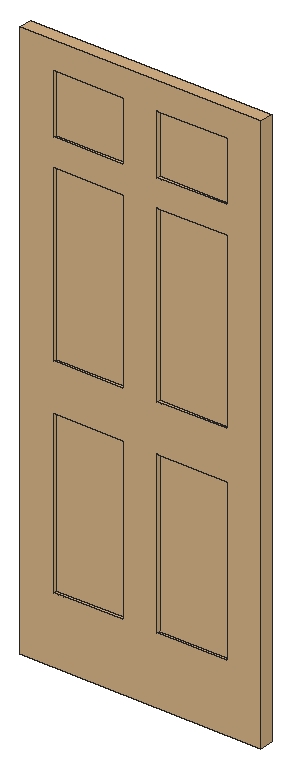
Revit family "0070_M_DR_W_single-panel 4_no trim", category 문, Revit 2026
Family settings
  호스트 = 벽
  항상 수직 = 예
  로드될 때 보이드를 사용하여 절단 = 아니오
  공유 = 아니오
  룸 계산 점 = 아니오
Parameters (values of type "36" x 84"")
  두께 = 0' - 2"
  조합 코드 = "C1020"
  기능 = 내부
  Door Material = Door - Panel
  Frame Material = Door - Frame
  Height = 7' - 0"
  Rail Width - Base = 0' - 10"
  Rail Width - Center = 0' - 7"
  Rail Width - Top = 0' - 4"
  Stile Width = 0' - 5"
  벽 마무리 = 호스트별
  Width = 3' - 0"
Types (8): name | 두께 | 조합 코드 | Height | Rail Width - Base | Rail Width - Center | Rail Width - Top | Stile Width | Width
  36" x 84" | 0' - 2" | "C1020" | 7' - 0" | 0' - 10" | 0' - 7" | 0' - 4" | 0' - 5" | 3' - 0"
  34" x 84" | 0' - 2" | "C1020" | 7' - 0" | 0' - 10" | 0' - 7" | 0' - 4" | 0' - 5" | 2' - 10"
  32" x 84" | 0' - 2" | "C1020" | 7' - 0" | 0' - 10" | 0' - 7" | 0' - 4" | 0' - 5" | 2' - 8"
  30" x 84" | 0' - 2" | "C1020" | 7' - 0" | 0' - 10" | 0' - 7" | 0' - 4" | 0' - 5" | 2' - 6"
  30" x 80" | 0' - 2" | "C1020" | 6' - 8" | 0' - 10" | 0' - 7" | 0' - 4" | 0' - 5" | 2' - 6"
  36" x 80" | 0' - 2" | "C1020" | 6' - 8" | 0' - 10" | 0' - 7" | 0' - 4" | 0' - 5" | 3' - 0"
  34" x 80" | 0' - 2" | "C1020" | 6' - 8" | 0' - 10" | 0' - 7" | 0' - 4" | 0' - 5" | 2' - 10"
  0915 x 2134mm | 0' - 1 31/32" | 0' - 0" | 7' - 0 1/64" | 0' - 9 27/32" | 0' - 6 57/64" | 0' - 3 15/16" | 0' - 4 59/64" | 3' - 0 3/128"
Reference planes (in)
  plane 1: y = 0
  plane 2: z = 0
  plane 3: x = 0
  plane 4: x = -18
  plane 5: x = 18
  plane 6: z = 84
  plane 7: z = 80
  plane 8: z = 71
  plane 9: z = 67
  plane 10: z = 41
  plane 11: z = 34
  plane 12: z = 10
  plane 13: x = -13
  plane 14: x = 13
  plane 15: x = -2.5
  plane 16: x = 2.5
  plane 17: y = -3
Forms (in)
  Extrusion 1, solid, material "Door - Panel" <- "Door Material"
    sketch origin (-60, -3, 0) x (1, 0, 0) y (0, 0, 1)
      loop
        line (42, 84) -> (42, 0) -> (78, 0) -> (78, 84) -> (42, 84)
      loop
        line (47, 80) -> (47, 71) -> (57.5, 71) -> (57.5, 80) -> (47, 80)
      loop
        line (62.5, 80) -> (62.5, 71) -> (73, 71) -> (73, 80) -> (62.5, 80)
      loop
        line (47, 67) -> (47, 41) -> (57.5, 41) -> (57.5, 67) -> (47, 67)
      loop
        line (62.5, 67) -> (62.5, 41) -> (73, 41) -> (73, 67) -> (62.5, 67)
      loop
        line (47, 34) -> (47, 10) -> (57.5, 10) -> (57.5, 34) -> (47, 34)
      loop
        line (62.5, 34) -> (62.5, 10) -> (73, 10) -> (73, 34) -> (62.5, 34)
    from -6 to -4
  Extrusion 2, solid, material "Door - Panel" <- "Door Material"
    sketch origin (-60, 1, 0) x (1, 0, 0) y (0, 0, 1)
      loop
        line (47, 80) -> (47, 71) -> (57.5, 71) -> (57.5, 80) -> (47, 80)
      loop
        line (62.5, 80) -> (62.5, 71) -> (73, 71) -> (73, 80) -> (62.5, 80)
      loop
        line (47, 67) -> (47, 41) -> (57.5, 41) -> (57.5, 67) -> (47, 67)
      loop
        line (62.5, 67) -> (62.5, 41) -> (73, 41) -> (73, 67) -> (62.5, 67)
      loop
        line (47, 34) -> (47, 10) -> (57.5, 10) -> (57.5, 34) -> (47, 34)
      loop
        line (62.5, 34) -> (62.5, 10) -> (73, 10) -> (73, 34) -> (62.5, 34)
    from -1.5 to -0.5
Lines and regions (in)
  Opening 1
    outline origin (-60, -3, 144) x (0, 0, -1) y (1, 0, 0)
      loop
        line (60, 42) -> (144, 42) -> (144, 78) -> (60, 78) -> (60, 42)
  symbolic lines, style "DoorsPanelProjection"
    curve 1: line (18, 3, 0) -> (16, 3, 0)
    curve 2: line (18, 3, 0) -> (18, 39.00327, 0)
    curve 3: line (18, 39.00327, 0) -> (16, 39.00327, 0)
    curve 4: line (16, 3, 0) -> (16, 39.00327, 0)
  symbolic lines, style "Elevation Swing"
    curve 5: line (-18, 3, 84) -> (18, 3, 42)
    curve 6: line (18, 3, 42) -> (-18, 3, 0)
  symbolic lines, style "Plan Swing"
    curve 7: arc (16, 39.00327, 0) -> (-8.19497, 27.78021, 0) -> (-18.05877, 3, 0) r 36.05877
Dimensions and locks (in)
  equal spacing: plane 4, plane 3, plane 5
  "Width": plane 4 to plane 5
  locked: host wall to curve 1
  control icon elem to plane 5 = 0' - 10"
  "Height": plane 6 to plane 2
  equal spacing: plane 6, curve 6, level
  "Rail Width - Base": plane 12 to host wall
  "Rail Width - Center": plane 10 to plane 11
  "Rail Width - Top": plane 8 to plane 9
  "Rail Width - Top": plane 6 to plane 7
  "Stile Width": plane 4 to plane 13
  "Stile Width": plane 14 to plane 5
  locked: plane 7 to plane 8 at 9
  "두께": Extrusion 1 to Extrusion 1
  equal spacing: plane 15, plane 3, plane 16
  "Stile Width": plane 15 to plane 16
  "두께": curve 4 to plane 5
  locked: Extrusion 1 to Extrusion 2 at 0.5
  locked: host wall to Extrusion 2 at 0.5
  aligned and locked: plane 4 to Extrusion 1 sketch curve
  aligned and locked: plane 6 to Extrusion 1 sketch curve
  aligned and locked: Extrusion 1 sketch curve to curve 1
  aligned and locked: plane 5 to Extrusion 1 sketch curve
  aligned and locked: plane 13 to Extrusion 1 sketch curve  (x3)
  aligned and locked: plane 7 to Extrusion 1 sketch curve  (x2)
  aligned and locked: plane 8 to Extrusion 1 sketch curve  (x2)
  aligned and locked: plane 15 to Extrusion 1 sketch curve  (x3)
  aligned and locked: plane 16 to Extrusion 1 sketch curve  (x3)
  aligned and locked: plane 14 to Extrusion 1 sketch curve  (x3)
  aligned and locked: plane 9 to Extrusion 1 sketch curve  (x2)
  aligned and locked: plane 10 to Extrusion 1 sketch curve  (x2)
  aligned and locked: plane 11 to Extrusion 1 sketch curve  (x2)
  aligned and locked: plane 12 to Extrusion 1 sketch curve  (x2)
  aligned and locked: Extrusion 2 sketch curve to Extrusion 1  (x24)
  aligned and locked: host wall to Extrusion 1
  aligned and locked: plane 17 to host wall
  aligned and locked: curve 7 to curve 5
Automatic sketch dimensions
  Opening 1 sketch curve to plane 6 = 0' - 0"
  Opening 1 sketch curve to level = 0' - 0"
  Opening 1 sketch curve to plane 4 = 0' - 0"
  Opening 1 sketch curve to plane 5 = 0' - 0"
  curve 5 to plane 6 = 0' - 0"
  curve 6 to level = 0' - 0"
  curve 6 to plane 4 = 0' - 0"
  curve 5 to plane 5 = 0' - 0"
  curve 1 to plane 5 = 0' - 0"
  curve 7 to plane 5 = 0' - 0"
  plane 4 to curve 7 = 0' - 0.05877"
  curve 5 to plane 4 = 0' - 0"
